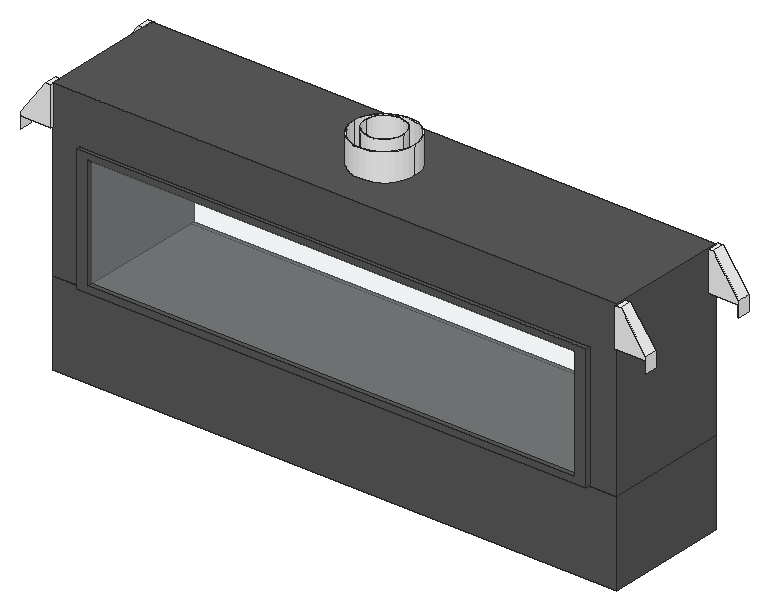
Revit family "D63", category Generic Models, Revit 2019
Family settings
  Can host rebar = No
  Round Connector Dimension = Use Diameter
  Part Type = Normal
  Work Plane-Based = No
  Always vertical = Yes
  Cut with Voids When Loaded = No
  Shared = No
  Room Calculation Point = No
Parameters
  Width = 15 15/16"
  URL = "https://www.montigo.com/"
  Model = ""
  Manufacturer Fax = ""
  Manufacturer Website = "https://www.montigo.com/"
  Manufacturer Phone - Toll Free = "800-378-3115"
  Manufacturer Phone = ""
  Manufacturer Address = "27342 Gloucester Way  Langley, BC, Canada   V4W 4A1"
  Manufacturer = "Montigo"
  Length = 72 7/8"
  Keynote = ""
  Glazing Tint = Glass - Montigo - Tint as Specified
  Frame Material = Metal - Montigo - Black
  Firebox Material = Metal - Montigo - White
  Fire Place Length = 65 13/16"
  Fire Place Height = 33 3/16"
  Fire Place - Opening = 16 1/8"
  Description = "Montigo Fireplace as Specified"
  Base Height = 10 7/8"
Reference planes (in)
  plane 1 "Center (Front/Back)": y = 0
  plane 2: z = 0
  plane 3 "Center (Left/Right)": x = 0
  plane 4: x = -36.4375
  plane 5: x = 36.4375
  plane 6: y = 7.96875
  plane 7: y = -7.96875
  plane 8: z = 10.875
  plane 9: z = 27
  plane 10: z = 33.1875
  plane 11: x = -32.90625
  plane 12: x = 32.90625
Forms (in)
  Extrusion 1, solid, material "Metal - Montigo - Black" <- "Frame Material"
    sketch origin (0, 0, 0) x (1, 0, 0) y (0, 1, 0)
      loop
        line (-36.4375, 7.96875) -> (-36.4375, -7.96875) -> (36.4375, -7.96875) -> (36.4375, 7.96875) -> (-36.4375, 7.96875)
    from 0 to 10.875
  Extrusion 2, solid, material "Metal - Montigo - Black" <- "Frame Material"
    sketch origin (0, 0, 0) x (1, 0, 0) y (0, 1, 0)
      loop
        line (-36.4375, 7.96875) -> (-36.4375, -7.96875) -> (36.4375, -7.96875) -> (36.4375, 7.96875) -> (-36.4375, 7.96875)
    from 10.875 to 33.1875
  Extrusion 3, solid, material "Metal - Montigo - Black" <- "Frame Material"
    sketch origin (0, 0, 0) x (1, 0, 0) y (0, 0, 1)
      loop
        line (-32.90625, 27) -> (-32.90625, 10.875) -> (32.90625, 10.875) -> (32.90625, 27) -> (-32.90625, 27)
      loop
        line (31.46875, 26.25) -> (-31.46875, 26.25) -> (-31.46875, 11.625) -> (31.46875, 11.625) -> (31.46875, 26.25)
    from -8.53125 to 8.53125
  Extrusion 4, void
    sketch origin (0, 0, 0) x (1, 0, 0) y (0, 0, 1)
      loop
        line (-32.90625, 27) -> (-32.90625, 10.875) -> (32.90625, 10.875) -> (32.90625, 27) -> (-32.90625, 27)
    from -12.26802 to 12
  Extrusion 5, solid, material "Glass - Montigo - Tint as Specified" <- "Glazing Tint"
    sketch origin (0, 0, 0) x (1, 0, 0) y (0, 1, 0)
      loop
        line (-31.46875, 7.96875) -> (-31.46875, -7.96875) -> (31.46875, -7.96875) -> (31.46875, 7.96875) -> (-31.46875, 7.96875)
    from 11.625 to 26.25
  Extrusion 6, solid, material "Metal - Montigo - White" <- "Firebox Material"
    sketch origin (145.25717, 0, -10.13625) x (1, 0, 0) y (0, 0, 1)
      loop
        line (-108.81967, 43.22375) -> (-108.81967, 38.22375) -> (-104.88867, 38.22375) -> (-104.88867, 36.72375) -> (-104.82867, 36.72375) -> (-104.82867, 38.69088) -> (-108.15867, 43.22375) -> (-108.81967, 43.22375)
    from 6.65959 to 8.25
  Extrusion 7, solid, material "Metal - Montigo - White" <- "Firebox Material"
    sketch origin (145.25717, 0, -10.13625) x (1, 0, 0) y (0, 0, -1)
      loop
        line (-108.81967, -43.22375) -> (-108.15867, -43.22375) -> (-104.82867, -38.69088) -> (-104.82867, -36.72375) -> (-104.88867, -36.72375) -> (-104.88867, -38.22375) -> (-108.81967, -38.22375) -> (-108.81967, -43.22375)
    from 6.65959 to 8.25
  Extrusion 8, solid, material "Metal - Montigo - White" <- "Firebox Material"
    sketch origin (-145.25717, 0, -10.13625) x (-1, 0, 0) y (0, 0, -1)
      loop
        line (-108.81967, -43.22375) -> (-108.15867, -43.22375) -> (-104.82867, -38.69088) -> (-104.82867, -36.72375) -> (-104.88867, -36.72375) -> (-104.88867, -38.22375) -> (-108.81967, -38.22375) -> (-108.81967, -43.22375)
    from 6.65959 to 8.25
  Extrusion 9, solid, material "Metal - Montigo - White" <- "Firebox Material"
    sketch origin (-145.25717, 0, -10.13625) x (-1, 0, 0) y (0, 0, 1)
      loop
        line (-108.81967, 43.22375) -> (-108.81967, 38.22375) -> (-104.88867, 38.22375) -> (-104.88867, 36.72375) -> (-104.82867, 36.72375) -> (-104.82867, 38.69088) -> (-108.15867, 43.22375) -> (-108.81967, 43.22375)
    from 6.65959 to 8.25
Cuts and joins
  Extrusion 4 cuts Extrusion 2
Dimensions and locks (in)
  equal spacing: plane 6, plane 1 "Center (Front/Back)", plane 7
  "Width": plane 6 to plane 7
  "Length": plane 4 to plane 5
  equal spacing: plane 4, plane 3 "Center (Left/Right)", plane 5
  "Base Height": plane 8 to plane 2
  "Fire Place - Opening": plane 9 to plane 8
  "Fire Place Height": plane 10 to plane 2
  "Fire Place Length": plane 12 to plane 11
  equal spacing: plane 12, plane 3 "Center (Left/Right)", plane 11
  plane 5 to plane 4 = 72 7/8"
  locked: Extrusion 3 to plane 7 at 0.5625
  locked: Extrusion 3 to plane 6 at 0.5625
  locked: Extrusion 5 to Extrusion 1 at 0.75
  locked: cut or joined group of Extrusion 2, Extrusion 4 to Extrusion 5 at 0.75
  locked: cut or joined group of Extrusion 2, Extrusion 4 to Extrusion 5 at 1.4375  (x2)
  aligned and locked: level to plane 2
  aligned and locked: plane 6 to Extrusion 1
  aligned and locked: plane 7 to Extrusion 1
  aligned and locked: Extrusion 1 to plane 4
  aligned and locked: Extrusion 1 to plane 5
  aligned and locked: plane 8 to Extrusion 1
  aligned and locked: plane 10 to Extrusion 2
  aligned and locked: Extrusion 2 to plane 8
  aligned and locked: Extrusion 3 sketch curve to plane 9
  aligned and locked: plane 11 to Extrusion 3 sketch curve
  aligned and locked: plane 8 to Extrusion 3 sketch curve
  aligned and locked: plane 12 to Extrusion 3 sketch curve
  aligned and locked: Extrusion 4 to plane 11
  aligned and locked: Extrusion 4 to plane 12
  aligned and locked: Extrusion 4 sketch curve to plane 9
  aligned and locked: plane 8 to Extrusion 4 sketch curve
  aligned and locked: plane 12 to Extrusion 4 sketch curve
  aligned and locked: plane 11 to Extrusion 4 sketch curve
  aligned and locked: Extrusion 5 sketch curve to plane 6
  aligned and locked: Extrusion 5 sketch curve to plane 7
  aligned and locked: nested 1 to plane 1 "Center (Front/Back)"
  aligned and locked: nested 1 to plane 3 "Center (Left/Right)"
Automatic sketch dimensions
  Extrusion 1 sketch curve to plane 4 = 0"
  Extrusion 1 sketch curve to plane 5 = 0"
  plane 7 to Extrusion 1 sketch curve = 0"
  Extrusion 1 sketch curve to plane 6 = 0"
  Extrusion 2 sketch curve to plane 4 = 0"
  Extrusion 2 sketch curve to plane 5 = 0"
  plane 7 to Extrusion 2 sketch curve = 0"
  Extrusion 2 sketch curve to plane 6 = 0"
  plane 5 to Extrusion 6 sketch curve = 0"
  Extrusion 6 sketch curve to plane 10 = 0.1"
  Extrusion 6 sketch curve to plane 5 = 0.661"
  Extrusion 6 sketch curve to plane 5 = 3.93101"
  Extrusion 6 sketch curve to Extrusion 6 sketch curve = 0.06"
  Extrusion 6 sketch curve to plane 10 = 4.63287"
  Extrusion 6 sketch curve to Extrusion 6 sketch curve = 0.46713"
  Extrusion 6 sketch curve to Extrusion 6 sketch curve = 1 1/2"
  plane 5 to Extrusion 7 sketch curve = 0"
  Extrusion 7 sketch curve to plane 10 = 0.1"
  Extrusion 7 sketch curve to plane 5 = 0.661"
  Extrusion 7 sketch curve to plane 5 = 3.93101"
  Extrusion 7 sketch curve to Extrusion 7 sketch curve = 0.06"
  Extrusion 7 sketch curve to plane 10 = 4.63287"
  Extrusion 7 sketch curve to Extrusion 7 sketch curve = 0.46713"
  Extrusion 7 sketch curve to Extrusion 7 sketch curve = 1 1/2"
  Extrusion 8 sketch curve to plane 4 = 0"
  plane 10 to Extrusion 8 sketch curve = 0.1"
  plane 4 to Extrusion 8 sketch curve = 0.661"
  plane 4 to Extrusion 8 sketch curve = 3.93101"
  Extrusion 8 sketch curve to Extrusion 8 sketch curve = 0.06"
  plane 10 to Extrusion 8 sketch curve = 4.63287"
  Extrusion 8 sketch curve to Extrusion 8 sketch curve = 0.46713"
  Extrusion 8 sketch curve to Extrusion 8 sketch curve = 1 1/2"
  Extrusion 9 sketch curve to plane 4 = 0"
  Extrusion 9 sketch curve to plane 10 = 0.1"
  Extrusion 9 sketch curve to plane 4 = 0.661"
  Extrusion 9 sketch curve to plane 4 = 3.93101"
  Extrusion 9 sketch curve to Extrusion 9 sketch curve = 0.06"
  Extrusion 9 sketch curve to plane 10 = 4.63287"
  Extrusion 9 sketch curve to Extrusion 9 sketch curve = 0.46713"
  Extrusion 9 sketch curve to Extrusion 9 sketch curve = 1 1/2"
  plane 11 to Extrusion 3 sketch curve = 1 7/16"
  plane 12 to Extrusion 3 sketch curve = 1 7/16"
  plane 8 to Extrusion 3 sketch curve = 3/4"
  Extrusion 3 sketch curve to plane 9 = 3/4"
  plane 11 to Extrusion 5 sketch curve = 1 7/16"
  plane 12 to Extrusion 5 sketch curve = 1 7/16"
Nested families (in)
  nested 1: "Duct Dia" at (0, 0, 33.1875) x (-1, 0, 0) z (0, 0, 1), type "5""
    with Intake Duct Dia 5", Intake Diameter 4 7/8", Height 4 1/8"
  nested 2: "Duct Dia" at (0, 0, 33.1875) x (-1, 0, 0) z (0, 0, 1), type "8""
    with Intake Duct Dia 8", Intake Diameter 7 7/8", Height 3 1/2"
Connectors (in)
  hvac at (0, 0, 37.3125)
    settings: on nested 1, index 2, duct flow 0.0 L/s, flow factor 0, pres drop 0.0 Pa, loss coef 0, conn angle 0.00°, conn width 304.8 mm, conn height 304.8 mm, conn diameter 127 mm, duct sys type 3, conn prof type 0, flow config 0, flow direction 0, loss method 0, conn ref index -1, conn util no, is conn primary yes, conn desc ""
  hvac at (0, 0, 36.6875)
    settings: on nested 2, index 3, duct flow 0.0 L/s, flow factor 0, pres drop 0.0 Pa, loss coef 0, conn angle 0.00°, conn width 304.8 mm, conn height 304.8 mm, conn diameter 203.2 mm, duct sys type 3, conn prof type 0, flow config 0, flow direction 0, loss method 0, conn ref index -1, conn util no, is conn primary no, conn desc ""
Definition of nested family "Duct Dia"
  Parameters (values of type "15 7/8" Dia.")
    Intake Duct Dia = 15 7/8"
    Intake Diameter = Intake Duct Dia - 1/8"  # 15 3/4"
    Height = 4"
    Firebox Material = none
    Default Elevation = 48"
  Types (12): name | Intake Duct Dia | Intake Diameter | Height
    9 7/8" Dia. | 9 7/8" | 9 3/4" | 4"
    7 7/8" Dia | 7 7/8" | 7 3/4" | 4"
    8 1/8" Dia | 8 1/8" | 8" | 1/4"
    11 3/4" Dia | 11 3/4" | 11 5/8" | 4"
    4" Dia | 10" | 9 7/8" | 4"
    7 3/4" Dia | 7 3/4" | 7 5/8" | 4"
    6 7/8" Dia | 6 7/8" | 6 3/4" | 1/4"
    9 3/4" Dia. | 9 3/4" | 9 5/8" | 4"
    7 1/8" Dia | 7 1/8" | 7" | 1/4"
    11 7/8" Dia. | 11 7/8" | 11 3/4" | 4"
    13 7/8" Dia. | 13 7/8" | 13 3/4" | 4"
    15 7/8" Dia. | 15 7/8" | 15 3/4" | 4"
  Reference planes (in)
    plane 1 "Center (Front/Back)": y = 0
    plane 2: z = 0
    plane 3 "Center (Left/Right)": x = 0
    plane 4: z = 4
  Forms (in)
    Extrusion 1, solid
      sketch origin (0, 0, 0) x (1, 0, 0) y (0, 1, 0)
        loop
          line (-48, 48) -> (-48, -48) -> (48, -48) -> (48, 48) -> (-48, 48)
      from 0 to -12
    Extrusion 2, solid, material <- "Firebox Material"
      sketch origin (0, 0, 0) x (1, 0, 0) y (0, 1, 0)
        loop
          circle (0, 0) r 7.9375
        loop
          circle (0, 0) r 7.875
      from 0 to 4
  Dimensions and locks (in)
    "Height": plane 4 to level
    "Intake Duct Dia": diameter of Extrusion 2 sketch curve
    "Intake Diameter": diameter of Extrusion 2 sketch curve
    aligned and locked: plane 2 to Extrusion 1
    aligned and locked: level to Extrusion 1
    aligned and locked: plane 4 to Extrusion 2
  Automatic sketch dimensions
    Extrusion 1 sketch curve to Extrusion 1 sketch curve = 96"  (x2)
    Extrusion 2 sketch curve to Extrusion 2 sketch curve = 0"  (x2)
    plane 1 "Center (Front/Back)" to Extrusion 2 sketch curve = 0"
    Extrusion 2 sketch curve to plane 3 "Center (Left/Right)" = 0"
